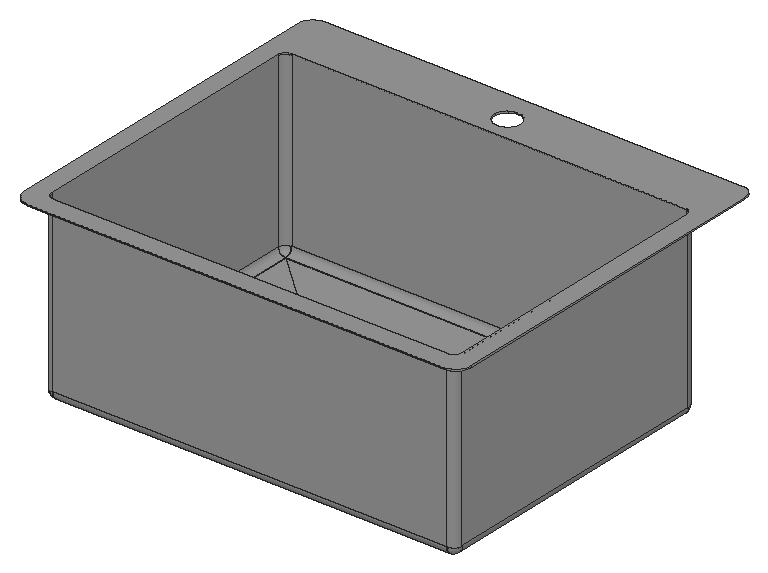
Revit family "BUILDMAT-SNGMTL004-River-600-Tap-Landing-Gunmetal", category Plumbing Fixtures, host Face, Revit 2026
Family settings
  Host = Face
  Round Connector Dimension = Use Diameter
  Part Type = Normal
  Enable Cutting in Views = No
  Cut with Voids When Loaded = No
  Maintain Annotation Orientation = No
  Shared = No
  Room Calculation Point = No
Parameters (values of type "River 600x500x250mm Brushed Gunmetal")
  Width = 550.0 mm
  Undermount [instance] = 0.0 mm
  URL = "https://www.buildmat.com.au/products/river-600-single-bowl-tap-landing-sink"
  Model = "TLAN004"  # constant formula
  Manufacturer URL = "https://www.buildmat.com.au/"
  Manufacturer = "BUILDMAT"  # constant formula
  Length = 400.0 mm
  Description = "BUILDMAT - River 600x500 Medium Single Bowl with Tap Landing Sink"  # constant formula
  Depth = 250.0 mm
  Default Elevation = 1219.2 mm
  Created By URL = "https://www.buildmat.com.au/"
  Created By = "BUILDMAT"  # constant formula
  Created = "22.06.2022"  # constant formula
  Material = BUILDMAT Gunmetal
Reference planes
  plane 1 "Center (Front/Back)": y = 0
  plane 2: z = 0
  plane 3 "Center (Left/Right)": x = 0
  plane 4 "Top Substrate": z = 0
  plane 5 "Left": x = -275
  plane 6 "Right": x = 275
  plane 7 "Back": y = 200
  plane 8 "Front": y = -200
  plane 9: x = -300
  plane 10: x = 300
  plane 11: y = -225
  plane 12: y = 275
  plane 13 "Bottom Void": z = -250
  plane 14: z = 1.5
  plane 15: x = -276.5
  plane 16: y = -201.5
  plane 17: x = 276.5
  plane 18: y = 201.5
  plane 19: z = -240
  plane 20: z = -230
  plane 21: x = -265
  plane 22: x = 265
  plane 23: y = -190
  plane 24: y = 190
  plane 25: z = -245
  plane 26: z = -241.5
  plane 27: z = -246.5
  plane 28: x = -100
  plane 29: x = 100
  plane 30 "Sound Pad": z = -130
  plane 31 "Front Bracket": y = -100
  plane 32 "Back Bracket": y = 100
  plane 33: x = -175
  plane 34: x = 175
  plane 35: x = -57
  plane 36: x = 57
  plane 37: x = -45
  plane 38: x = 45
  plane 39: y = 232
  plane 40: y = 251.5
  plane 41: x = -288.2
  plane 42: z = -15
  plane 43: x = 288.2
  plane 44: x = -286.7
  plane 45: x = 286.7
Forms (mm)
  Extrusion 1, void
    sketch origin (0, 0, 0) x (1, 0, 0) y (0, 1, 0)
      loop
        arc (-265, 200) -> (-272.071, 197.071) -> (-275, 190) r 10
        line (-275, 190) -> (-275, -190)
        arc (-275, -190) -> (-272.071, -197.071) -> (-265, -200) r 10
        line (-265, -200) -> (265, -200)
        arc (265, -200) -> (272.071, -197.071) -> (275, -190) r 10
        line (275, -190) -> (275, 190)
        arc (275, 190) -> (272.071, 197.071) -> (265, 200) r 10
        line (265, 200) -> (-265, 200)
    from 0 to 1.5
  Extrusion 2, void
    sketch origin (0, 0, 0) x (1, 0, 0) y (0, 1, 0)
      loop
        line (-276.5, 201.5) -> (-276.5, -201.5) -> (276.5, -201.5) -> (276.5, 201.5) -> (-276.5, 201.5)
    from 0 to -250
  Extrusion 3, void
    sketch origin (0, 0, 0) x (1, 0, 0) y (0, 1, 0)
      loop
        arc (-280, 275) -> (-294.142, 269.142) -> (-300, 255) r 20
        line (-300, 255) -> (-300, -205)
        arc (-300, -205) -> (-294.142, -219.142) -> (-280, -225) r 20
        line (-280, -225) -> (280, -225)
        arc (280, -225) -> (294.142, -219.142) -> (300, -205) r 20
        line (300, -205) -> (300, 255)
        arc (300, 255) -> (294.142, 269.142) -> (280, 275) r 20
        line (280, 275) -> (-280, 275)
    from 1.5 to 0
  Extrusion 4, solid, material "BUILDMAT Gunmetal" <- "Material"
    sketch origin (0, 0, 0) x (-1, 0, 0) y (0, -1, 0)
      loop
        arc (280, -275) -> (294.142, -269.142) -> (300, -255) r 20
        line (300, -255) -> (300, 205)
        arc (300, 205) -> (294.142, 219.142) -> (280, 225) r 20
        line (280, 225) -> (-280, 225)
        arc (-280, 225) -> (-294.142, 219.142) -> (-300, 205) r 20
        line (-300, 205) -> (-300, -255)
        arc (-300, -255) -> (-294.142, -269.142) -> (-280, -275) r 20
        line (-280, -275) -> (280, -275)
      loop
        arc (265, -200) -> (272.071, -197.071) -> (275, -190) r 10
        line (275, -190) -> (275, 190)
        arc (275, 190) -> (272.071, 197.071) -> (265, 200) r 10
        line (265, 200) -> (-265, 200)
        arc (-265, 200) -> (-272.071, 197.071) -> (-275, 190) r 10
        line (-275, 190) -> (-275, -190)
        arc (-275, -190) -> (-272.071, -197.071) -> (-265, -200) r 10
        line (-265, -200) -> (265, -200)
    from 0 to 1.5
  Extrusion 5, solid, material "BUILDMAT Gunmetal" <- "Material"
    sketch origin (0, 0, 0) x (-1, 0, 0) y (0, -1, 0)
      loop
        arc (265, -201.5) -> (273.132, -198.132) -> (276.5, -190) r 11.5
        line (276.5, -190) -> (276.5, 190)
        arc (276.5, 190) -> (273.132, 198.132) -> (265, 201.5) r 11.5
        line (265, 201.5) -> (-265, 201.5)
        arc (-265, 201.5) -> (-273.132, 198.132) -> (-276.5, 190) r 11.5
        line (-276.5, 190) -> (-276.5, -190)
        arc (-276.5, -190) -> (-273.132, -198.132) -> (-265, -201.5) r 11.5
        line (-265, -201.5) -> (265, -201.5)
      loop
        arc (-265, 200) -> (-272.071, 197.071) -> (-275, 190) r 10
        line (-275, 190) -> (-275, -190)
        arc (-275, -190) -> (-272.071, -197.071) -> (-265, -200) r 10
        line (-265, -200) -> (265, -200)
        arc (265, -200) -> (272.071, -197.071) -> (275, -190) r 10
        line (275, -190) -> (275, 190)
        arc (275, 190) -> (272.071, 197.071) -> (265, 200) r 10
        line (265, 200) -> (-265, 200)
    from 0 to -230
  Revolve 6, solid, material "BUILDMAT Gunmetal" <- "Material"
    sketch origin (-175.162, 190, 1219.2) x (-1, 0, 0) y (0, 0, 1)
      loop
        line (-450.162, -1449.2) -> (-451.662, -1449.2)
        arc (-451.662, -1449.2) -> (-448.293, -1457.332) -> (-440.162, -1460.7) r 11.5
        line (-440.162, -1460.7) -> (-440.162, -1459.2)
        arc (-440.162, -1459.2) -> (-447.233, -1456.271) -> (-450.162, -1449.2) r 10
      axis (-440.162, -1460.7) -> (-440.162, -1449.2)
    angle from 0 to -90
  Revolve 7, solid, material "BUILDMAT Gunmetal" <- "Material"
    sketch origin (-175.162, 190, 1219.2) x (-1, 0, 0) y (0, 0, 1)
      loop
        arc (99.838, -1449.2) -> (96.909, -1456.271) -> (89.838, -1459.2) r 10
        line (89.838, -1459.2) -> (89.838, -1460.7)
        arc (89.838, -1460.7) -> (97.97, -1457.332) -> (101.338, -1449.2) r 11.5
        line (101.338, -1449.2) -> (99.838, -1449.2)
      axis (89.838, -1449.2) -> (89.838, -1460.7)
    angle from 0 to -90
  Revolve 8, solid, material "BUILDMAT Gunmetal" <- "Material"
    sketch origin (-175.162, -190, 1219.2) x (-1, 0, 0) y (0, 0, 1)
      loop
        arc (99.838, -1449.2) -> (96.909, -1456.271) -> (89.838, -1459.2) r 10
        line (89.838, -1459.2) -> (89.838, -1460.7)
        arc (89.838, -1460.7) -> (97.97, -1457.332) -> (101.338, -1449.2) r 11.5
        line (101.338, -1449.2) -> (99.838, -1449.2)
      axis (89.838, -1449.2) -> (89.838, -1460.7)
    angle from 0 to 90
  Revolve 9, solid, material "BUILDMAT Gunmetal" <- "Material"
    sketch origin (-175.162, -190, 1219.2) x (-1, 0, 0) y (0, 0, 1)
      loop
        line (-450.162, -1449.2) -> (-451.662, -1449.2)
        arc (-451.662, -1449.2) -> (-448.293, -1457.332) -> (-440.162, -1460.7) r 11.5
        line (-440.162, -1460.7) -> (-440.162, -1459.2)
        arc (-440.162, -1459.2) -> (-447.233, -1456.271) -> (-450.162, -1449.2) r 10
      axis (-440.162, -1449.2) -> (-440.162, -1460.7)
    angle from 0 to 90
  Extrusion 10, solid, material "BUILDMAT Gunmetal" <- "Material"
    sketch origin (0, 0, 0) x (1, 0, 0) y (0, 0, 1)
      loop
        line (-275, -230) -> (-276.5, -230)
        arc (-276.5, -230) -> (-273.132, -238.132) -> (-265, -241.5) r 11.5
        line (-265, -241.5) -> (-265, -240)
        arc (-265, -240) -> (-272.071, -237.071) -> (-275, -230) r 10
    from -190 to 190
  Extrusion 11, solid, material "BUILDMAT Gunmetal" <- "Material"
    sketch origin (0, 0, 0) x (1, 0, 0) y (0, 0, 1)
      loop
        arc (275, -230) -> (272.071, -237.071) -> (265, -240) r 10
        line (265, -240) -> (265, -241.5)
        arc (265, -241.5) -> (273.132, -238.132) -> (276.5, -230) r 11.5
        line (276.5, -230) -> (275, -230)
    from -190 to 190
  Extrusion 12, solid, material "BUILDMAT Gunmetal" <- "Material"
    sketch origin (0, 0, 0) x (0, 1, 0) y (0, 0, 1)
      loop
        arc (200, -230) -> (197.071, -237.071) -> (190, -240) r 10
        line (190, -240) -> (190, -241.5)
        arc (190, -241.5) -> (198.132, -238.132) -> (201.5, -230) r 11.5
        line (201.5, -230) -> (200, -230)
    from -265 to 265
  Extrusion 13, solid, material "BUILDMAT Gunmetal" <- "Material"
    sketch origin (0, 0, 0) x (0, 1, 0) y (0, 0, 1)
      loop
        line (-200, -230) -> (-201.5, -230)
        arc (-201.5, -230) -> (-198.132, -238.132) -> (-190, -241.5) r 11.5
        line (-190, -241.5) -> (-190, -240)
        arc (-190, -240) -> (-197.071, -237.071) -> (-200, -230) r 10
    from -265 to 265
  Revolve 14, solid, material "BUILDMAT Gunmetal" <- "Material"
    sketch origin (0, 0, 0) x (1, 0, 0) y (0, 0, 1)
      loop
        line (-45, -250) -> (-45, -248.5)
        spline (-45, -248.5) -> (-46.484, -248.459) -> (-47.939, -248.339) -> (-49.337, -248.141) -> (-50.649, -247.871) -> (-51.848, -247.537) -> (-52.908, -247.151) -> (-53.805, -246.726) -> (-54.514, -246.283) -> (-55.023, -245.856) -> (-55.329, -245.483) -> (-55.468, -245.202) -> (-55.5, -245)
        line (-55.5, -245) -> (-57, -245)
        spline (-57, -245) -> (-56.897, -245.653) -> (-56.591, -246.294) -> (-56.087, -246.913) -> (-55.392, -247.5) -> (-54.52, -248.044) -> (-53.485, -248.536) -> (-52.305, -248.967) -> (-51, -249.33) -> (-49.592, -249.619) -> (-48.106, -249.83) -> (-46.566, -249.957) -> (-45, -250)
      axis (0, -245) -> (0, -250)
    angle from 0 to 360
  Blend 15, solid, material "BUILDMAT Gunmetal" <- "Material"
    base sketch origin (0, 0, 0) x (-1, 0, 0) y (0, -1, 0)
      loop
        circle (0, 0) r 57
    top sketch origin (0, 0, 0) x (-1, 0, 0) y (0, -1, 0)
      loop
        line (265, -190) -> (265, 190) -> (-265, 190) -> (-265, -190) -> (265, -190)
    from -246.5 to -241.5
  Blend 16, void
    base sketch origin (0, 0, 0) x (-1, 0, 0) y (0, -1, 0)
      loop
        circle (0, 0) r 57
    top sketch origin (0, 0, 0) x (-1, 0, 0) y (0, -1, 0)
      loop
        line (265, -190) -> (265, 190) -> (-265, 190) -> (-265, -190) -> (265, -190)
    from -245 to -240
  Extrusion 17, solid, material "BUILDMAT Gunmetal" <- "Material"
    sketch origin (0, 0, 0) x (-1, 0, 0) y (0, -1, 0)
      loop
        line (265, -190) -> (265, 190) -> (-265, 190) -> (-265, -190) -> (265, -190)
    from -241.5 to -240
  Extrusion 18, void
    sketch origin (0, 0, 0) x (-1, 0, 0) y (0, -1, 0)
      loop
        circle (0, 0) r 57
    from -250 to -230
  Extrusion 19, void
    sketch origin (0, 0, 0) x (-1, 0, 0) y (0, -1, 0)
      loop
        circle (0, -232) r 17.5
    from 0 to 100
Cuts and joins
  Extrusion 19 cuts Extrusion 4
  Extrusion 19 cuts Extrusion 5
  joined: Extrusion 4, Extrusion 5
  joined: Revolve 6, Revolve 9
  joined: Revolve 7, Revolve 8
  Blend 16, Extrusion 18 cuts Blend 15
  Blend 16, Extrusion 18 cuts Extrusion 17
  joined: Blend 15, Extrusion 17
Lines and regions (mm)
  Masking region 1
    outline origin (0, 0, 0) x (1, 0, 0) y (0, 0, 1)
      loop
        line (275, 0) -> (-275, 0) -> (-275, -230)
        arc (-275, -230) -> (-272.071, -237.071) -> (-265, -240) r 10
        line (-265, -240) -> (-57, -245) -> (57, -245) -> (265, -240)
        arc (265, -240) -> (272.071, -237.071) -> (275, -230) r 10
        line (275, -230) -> (275, 0)
  Masking region 2
    outline origin (0, 0, 0) x (1, 0, 0) y (0, 0, 1)
      loop
        line (-100, -245.466) -> (-100, -250) -> (-57, -250) -> (-57, -246.5) -> (-100, -245.466)
  Masking region 3
    outline origin (0, 0, 0) x (1, 0, 0) y (0, 0, 1)
      loop
        line (57, -246.5) -> (57, -250) -> (100, -250) -> (100, -245.466) -> (57, -246.5)
  Masking region 4
    outline origin (0, 0, 0) x (1, 0, 0) y (0, 0, 1)
      loop
        line (-288.2, 0) -> (-288.2, -15) -> (-286.7, -15) -> (-286.7, 0) -> (-288.2, 0)
  Masking region 5
    outline origin (0, 0, 0) x (1, 0, 0) y (0, 0, 1)
      loop
        line (286.7, 0) -> (286.7, -15) -> (288.2, -15) -> (288.2, 0) -> (286.7, 0)
Text (mm)
  text "Refer to www.buildmat.com.au for the most current product literature. \nAllow a +/- 5mm tolerance for dimensions shown in the product literature. \nPlease note product details are subject to change due to ongoing product development." at (0.056, -1035.857, 0), in view "Ref. Level"
Dimensions and locks
  "Undermount": plane 2 to plane 4 "Top Substrate"
  equal spacing: plane 5 "Left", plane 3 "Center (Left/Right)", plane 6 "Right"
  "Width": plane 5 "Left" to plane 6 "Right"
  "Length": plane 7 "Back" to plane 8 "Front"
  equal spacing: plane 7 "Back", plane 1 "Center (Front/Back)", plane 8 "Front"
  locked: plane 12 to plane 7 "Back" at 75
  locked: plane 8 "Front" to plane 11 at 25
  locked: plane 9 to plane 5 "Left" at 25
  locked: plane 6 "Right" to plane 10 at 25
  "Depth": plane 4 "Top Substrate" to plane 13 "Bottom Void"
  locked: plane 14 to plane 4 "Top Substrate" at 1.5
  locked: plane 18 to plane 7 "Back" at 1.5
  locked: plane 8 "Front" to plane 16 at 1.5
  plane 15 to plane 5 "Left" = 1.5 mm
  plane 6 "Right" to plane 17 = 1.5 mm
  plane 20 to plane 19 to plane 13 "Bottom Void" = 10.0 mm, 10.0 mm
  locked: plane 5 "Left" to plane 21 at 10
  locked: plane 22 to plane 6 "Right" at 10
  locked: plane 7 "Back" to plane 24 at 10
  locked: plane 23 to plane 8 "Front" at 10
  locked: plane 19 to plane 26 at 1.5
  locked: plane 25 to plane 13 "Bottom Void" at 5
  locked: plane 25 to plane 27 at 1.5
  plane 29 to plane 3 "Center (Left/Right)" to plane 28 = 100.0 mm locked, 100.0 mm locked
  locked: plane 30 "Sound Pad" to plane 13 "Bottom Void" at 120
  locked: plane 7 "Back" to plane 32 "Back Bracket" at 100
  locked: plane 31 "Front Bracket" to plane 8 "Front" at 100
  locked: plane 33 to plane 5 "Left" at 100
  locked: plane 6 "Right" to plane 34 at 100
  plane 37 to plane 3 "Center (Left/Right)" to plane 38 = 45.0 mm locked, 45.0 mm locked
  plane 35 to plane 3 "Center (Left/Right)" to plane 36 = 57.0 mm locked, 57.0 mm locked
  locked: plane 12 to plane 39 at 43
  locked: plane 40 to plane 18 at 50
  plane 44 to plane 41 to plane 9 = 1.5 mm locked, 11.8 mm locked
  plane 10 to plane 43 to plane 45 = 11.8 mm locked, 1.5 mm locked
  locked: plane 4 "Top Substrate" to plane 42 at 15
  aligned and locked: plane 2 to host face
  aligned and locked: level to host face
  aligned and locked: plane 8 "Front" to Extrusion 1 sketch curve
  aligned and locked: Extrusion 1 sketch curve to plane 7 "Back"
  aligned and locked: plane 5 "Left" to Extrusion 1 sketch curve
  aligned and locked: Extrusion 1 sketch curve to plane 6 "Right"
  aligned and locked: plane 2 to Extrusion 1
  aligned and locked: plane 14 to Extrusion 1
  aligned and locked: Extrusion 2 sketch curve to plane 16
  aligned and locked: Extrusion 2 sketch curve to plane 18
  aligned and locked: plane 15 to Extrusion 2 sketch curve
  aligned and locked: plane 17 to Extrusion 2 sketch curve
  aligned and locked: Extrusion 2 to plane 13 "Bottom Void"
  aligned and locked: plane 4 "Top Substrate" to Extrusion 2
  aligned and locked: Extrusion 3 sketch curve to plane 11
  aligned and locked: plane 9 to Extrusion 3 sketch curve
  aligned and locked: Extrusion 3 sketch curve to plane 10
  aligned and locked: Extrusion 3 sketch curve to plane 12
  aligned and locked: Extrusion 3 to plane 4 "Top Substrate"
  aligned and locked: Extrusion 3 to plane 14
  aligned and locked: Extrusion 4 sketch curve to plane 11
  aligned and locked: Extrusion 4 sketch curve to plane 12
  aligned and locked: plane 9 to Extrusion 4 sketch curve
  aligned and locked: Extrusion 4 sketch curve to plane 10
  aligned and locked: plane 5 "Left" to Extrusion 4 sketch curve
  aligned and locked: Extrusion 4 sketch curve to plane 6 "Right"
  aligned and locked: Extrusion 4 sketch curve to plane 7 "Back"
  aligned and locked: plane 8 "Front" to Extrusion 4 sketch curve
  aligned and locked: Extrusion 5 sketch curve to plane 7 "Back"
  aligned and locked: plane 5 "Left" to Extrusion 5 sketch curve
  aligned and locked: Extrusion 5 sketch curve to plane 6 "Right"
  aligned and locked: plane 8 "Front" to Extrusion 5 sketch curve
  aligned and locked: plane 15 to Extrusion 5 sketch curve
  aligned and locked: Extrusion 5 sketch curve to plane 16
  aligned and locked: plane 17 to Extrusion 5 sketch curve
  aligned and locked: Extrusion 5 sketch curve to plane 18
  aligned and locked: Extrusion 5 to plane 20
  aligned and locked: plane 4 "Top Substrate" to Extrusion 5
  aligned and locked: Extrusion 11 to plane 23
  aligned and locked: plane 24 to Extrusion 11
  aligned and locked: plane 24 to Extrusion 10
  aligned and locked: Extrusion 10 to plane 23
  aligned and locked: Extrusion 13 to plane 21
  aligned and locked: plane 22 to Extrusion 13
  aligned and locked: plane 22 to Extrusion 12
  aligned and locked: Extrusion 12 to plane 21
  aligned and locked: plane 21 to Blend 15 sketch curve
  aligned and locked: Blend 15 sketch curve to plane 22
  aligned and locked: Blend 15 sketch curve to plane 23
  aligned and locked: Blend 15 sketch curve to plane 24
  aligned and locked: plane 27 to Blend 15
  aligned and locked: Blend 15 to plane 26
  aligned and locked: Blend 16 sketch curve to plane 24
  aligned and locked: plane 21 to Blend 16 sketch curve
  aligned and locked: Blend 16 sketch curve to plane 22
  aligned and locked: Blend 16 sketch curve to plane 23
  aligned and locked: Blend 16 to plane 25
  aligned and locked: Blend 16 to plane 19
  aligned and locked: Extrusion 17 sketch curve to plane 24
  aligned and locked: Extrusion 17 sketch curve to plane 23
  aligned and locked: plane 21 to Extrusion 17 sketch curve
  aligned and locked: Extrusion 17 sketch curve to plane 22
  aligned and locked: Extrusion 17 to plane 26
  aligned and locked: Extrusion 17 to plane 19
  aligned and locked: Extrusion 18 to plane 13 "Bottom Void"
  aligned and locked: plane 20 to Extrusion 18
  aligned and locked: cut or joined group of Blend 15, Blend 16, Extrusion 17, Extrusion 18 to Masking region 2 sketch curve
  aligned and locked: Masking region 3 sketch curve to cut or joined group of Blend 15, Blend 16, Extrusion 17, Extrusion 18
  aligned and locked: plane 3 "Center (Left/Right)" to nested 1
  aligned and locked: nested 1 to plane 30 "Sound Pad"
  aligned and locked: plane 31 "Front Bracket" to nested 3
  aligned and locked: plane 15 to nested 3
  aligned and locked: plane 31 "Front Bracket" to nested 5
  aligned and locked: plane 17 to nested 5
  aligned and locked: plane 32 "Back Bracket" to nested 4
  aligned and locked: plane 17 to nested 4
  aligned and locked: plane 32 "Back Bracket" to nested 2
  aligned and locked: plane 15 to nested 2
  aligned and locked: nested 6 to plane 4 "Top Substrate"
  aligned and locked: nested 6 to plane 33
  aligned and locked: nested 7 to plane 4 "Top Substrate"
  aligned and locked: nested 7 to plane 34
  aligned and locked: nested 10 to plane 33
  aligned and locked: nested 11 to plane 34
  aligned and locked: plane 16 to nested 10
  aligned and locked: nested 11 to plane 16
  aligned and locked: plane 33 to nested 8
  aligned and locked: plane 34 to nested 9
  aligned and locked: nested 12 to plane 23
  aligned and locked: nested 12 to plane 24
  aligned and locked: plane 22 to nested 12
  aligned and locked: plane 21 to nested 12
  aligned and locked: plane 3 "Center (Left/Right)" to nested 13
  aligned and locked: plane 1 "Center (Front/Back)" to nested 13
  aligned and locked: plane 4 "Top Substrate" to Masking region 1
  aligned and locked: nested 9 to plane 40
  aligned and locked: nested 8 to plane 40
  aligned and locked: Extrusion 19 to plane 4 "Top Substrate"
  aligned and locked: Masking region 4 sketch curve to plane 4 "Top Substrate"
  aligned and locked: Masking region 4 sketch curve to plane 42
  aligned and locked: Masking region 4 sketch curve to plane 41
  aligned and locked: Masking region 4 sketch curve to plane 44
  aligned and locked: Masking region 5 sketch curve to plane 4 "Top Substrate"
  aligned and locked: plane 42 to Masking region 5 sketch curve
  aligned and locked: Masking region 5 sketch curve to plane 43
  aligned and locked: Masking region 5 sketch curve to plane 45
Automatic sketch dimensions
  host sketch curve to host sketch curve = 2438.4 mm  (x2)
  plane 5 "Left" to Extrusion 1 sketch curve = 10.0 mm  (x2)
  Extrusion 1 sketch curve to plane 6 "Right" = 10.0 mm  (x2)
  Extrusion 4 sketch curve to plane 10 = 20.0 mm  (x2)
  Extrusion 4 sketch curve to Extrusion 4 sketch curve = 10.0 mm  (x2)
  plane 5 "Left" to Extrusion 4 sketch curve = 10.0 mm
  plane 9 to Extrusion 4 sketch curve = 20.0 mm
  plane 8 "Front" to Extrusion 4 sketch curve = 10.0 mm
  plane 11 to Extrusion 4 sketch curve = 20.0 mm
  Extrusion 3 sketch curve to plane 5 "Left" = 5.0 mm
  plane 6 "Right" to Extrusion 3 sketch curve = 5.0 mm  (x2)
  plane 7 "Back" to Extrusion 3 sketch curve = 55.0 mm
  plane 5 "Left" to Extrusion 5 sketch curve = 10.0 mm
  Extrusion 5 sketch curve to plane 6 "Right" = 10.0 mm
  plane 8 "Front" to Extrusion 5 sketch curve = 10.0 mm
  Extrusion 5 sketch curve to plane 7 "Back" = 10.0 mm
  Extrusion 5 sketch curve to Extrusion 5 sketch curve = 0.0 mm  (x4)
  Revolve 6 sketch curve to Revolve 6 sketch curve = 0.0 mm  (x3)
  plane 17 to Revolve 6 sketch curve = 0.0 mm
  Revolve 6 sketch curve to plane 6 "Right" = 0.0 mm
  Revolve 6 sketch curve to plane 22 = 0.0 mm  (x2)
  Revolve 6 sketch curve to plane 19 = 0.0 mm
  Revolve 6 sketch curve to plane 20 = 0.0 mm
  Revolve 7 sketch curve to Revolve 7 sketch curve = 0.0 mm  (x3)
  Revolve 7 sketch curve to plane 20 = 0.0 mm  (x2)
  Revolve 7 sketch curve to plane 21 = 0.0 mm  (x2)
  Revolve 7 sketch curve to plane 5 "Left" = 0.0 mm
  Revolve 7 sketch curve to plane 15 = 0.0 mm
  Revolve 8 sketch curve to Revolve 8 sketch curve = 0.0 mm  (x3)
  Revolve 8 sketch curve to plane 20 = 0.0 mm  (x2)
  Revolve 8 sketch curve to plane 21 = 0.0 mm  (x2)
  Revolve 8 sketch curve to plane 5 "Left" = 0.0 mm
  Revolve 8 sketch curve to plane 15 = 0.0 mm
  Revolve 9 sketch curve to Revolve 9 sketch curve = 0.0 mm  (x3)
  plane 17 to Revolve 9 sketch curve = 0.0 mm
  Revolve 9 sketch curve to plane 6 "Right" = 0.0 mm
  Revolve 9 sketch curve to plane 22 = 0.0 mm  (x2)
  Revolve 9 sketch curve to plane 20 = 0.0 mm
  Revolve 9 sketch curve to plane 19 = 0.0 mm
  Extrusion 10 sketch curve to plane 15 = 0.0 mm
  Extrusion 10 sketch curve to plane 5 "Left" = 0.0 mm
  Extrusion 10 sketch curve to plane 19 = 0.0 mm
  Extrusion 10 sketch curve to plane 21 = 0.0 mm
  Extrusion 11 sketch curve to plane 20 = 0.0 mm
  Extrusion 11 sketch curve to plane 22 = 0.0 mm
  Extrusion 11 sketch curve to plane 6 "Right" = 0.0 mm
  plane 17 to Extrusion 11 sketch curve = 0.0 mm
  Extrusion 12 sketch curve to plane 20 = 0.0 mm
  Extrusion 12 sketch curve to plane 24 = 0.0 mm
  Extrusion 12 sketch curve to plane 7 "Back" = 0.0 mm
  Extrusion 12 sketch curve to plane 18 = 0.0 mm
  Extrusion 13 sketch curve to plane 16 = 0.0 mm
  Extrusion 13 sketch curve to plane 8 "Front" = 0.0 mm
  Extrusion 13 sketch curve to plane 23 = 0.0 mm
  Extrusion 13 sketch curve to plane 19 = 0.0 mm
  Revolve 14 sketch curve to plane 25 = 0.0 mm
  Revolve 14 sketch curve to plane 13 "Bottom Void" = 0.0 mm  (x2)
  Revolve 14 sketch curve to plane 3 "Center (Left/Right)" = 0.0 mm
  Revolve 14 sketch curve to plane 20 = 0.0 mm
  Revolve 14 sketch curve to plane 3 "Center (Left/Right)" = 45.0 mm
  Revolve 14 sketch curve to Revolve 14 sketch curve = 10.5 mm
  Revolve 14 sketch curve to Revolve 14 sketch curve = 1.5 mm  (x2)
  Revolve 14 sketch curve to Revolve 14 sketch curve = 0.0 mm
  plane 1 "Center (Front/Back)" to Blend 15 sketch curve = 0.0 mm
  Blend 15 sketch curve to plane 3 "Center (Left/Right)" = 0.0 mm
  plane 1 "Center (Front/Back)" to Blend 16 sketch curve = 0.0 mm
  Blend 16 sketch curve to plane 3 "Center (Left/Right)" = 0.0 mm
  plane 1 "Center (Front/Back)" to Extrusion 18 sketch curve = 0.0 mm
  Extrusion 18 sketch curve to plane 3 "Center (Left/Right)" = 0.0 mm
  Masking region 1 sketch curve to level = 0.0 mm
  Masking region 1 sketch curve to plane 20 = 0.0 mm
  Masking region 1 sketch curve to plane 21 = 0.0 mm
  Masking region 1 sketch curve to plane 25 = 0.0 mm
  Masking region 1 sketch curve to plane 3 "Center (Left/Right)" = 57.0 mm
  plane 3 "Center (Left/Right)" to Masking region 1 sketch curve = 57.0 mm
  Masking region 1 sketch curve to plane 19 = 0.0 mm
  Masking region 1 sketch curve to plane 22 = 0.0 mm
  Masking region 1 sketch curve to plane 6 "Right" = 0.0 mm
  Masking region 1 sketch curve to plane 5 "Left" = 0.0 mm
  Masking region 2 sketch curve to plane 28 = 0.0 mm
  Masking region 2 sketch curve to plane 13 "Bottom Void" = 0.0 mm
  Masking region 2 sketch curve to plane 27 = 0.0 mm
  Masking region 3 sketch curve to plane 27 = 0.0 mm
  Masking region 3 sketch curve to plane 13 "Bottom Void" = 0.0 mm
  Masking region 3 sketch curve to plane 29 = 0.0 mm
  Extrusion 19 sketch curve to plane 3 "Center (Left/Right)" = 0.0 mm
  Extrusion 19 sketch curve to plane 39 = 0.0 mm
  radius of Blend 15 sketch curve = 57.0 mm
  radius of Blend 16 sketch curve = 57.0 mm
  radius of Extrusion 18 sketch curve = 57.0 mm
  radius of Extrusion 19 sketch curve = 17.5 mm
Nested families
  nested 1: "SP_Front" at (0, 0, -130) x (1, 0, 0) z (0, -1, 0), type "SP_Front", not visible
  nested 2: "TMB_Plan" at (-276.5, 100, 0) x (0, 1, 0) z (0, 0, 1), type "TMB_Plan"
  nested 3: "TMB_Plan" at (-276.5, -100, 0) x (0, 1, 0) z (0, 0, 1), type "TMB_Plan"
  nested 4: "TMB_Plan" at (276.5, 100, 0) x (0, -1, 0) z (0, 0, 1), type "TMB_Plan"
  nested 5: "TMB_Plan" at (276.5, -100, 0) x (0, -1, 0) z (0, 0, 1), type "TMB_Plan"
  nested 6: "TMB_Front" at (-175, 0, 0) x (1, 0, 0) z (0, -1, 0), type "TMB_Front"
  nested 7: "TMB_Front" at (175, 0, 0) x (1, 0, 0) z (0, -1, 0), type "TMB_Front"
  nested 8: "TMB_Plan" at (-175, 251.5, 0), type "TMB_Plan"
  nested 9: "TMB_Plan" at (175, 251.5, 0), type "TMB_Plan"
  nested 10: "TMB_Plan" at (-175, -201.5, 0) x (-1, 0, 0) z (0, 0, 1), type "TMB_Plan"
  nested 11: "TMB_Plan" at (175, -201.5, 0) x (-1, 0, 0) z (0, 0, 1), type "TMB_Plan"
  nested 12: "BOWL Plan" at (0, 0, -130), type "BOWL Plan"
    with Width 530.0 mm, Lenght 380.0 mm
  nested 13: "DRAIN" at (0, 0, 0), type "DRAIN"
Definition of nested family "SP_Front"
  Reference planes
    plane 1 "Center (Elevation)": y = 0
    plane 2: z = 0
    plane 3 "Center (Left/Right)": x = 0
  Lines and regions (mm)
    Masking region 1, in view "Ref. Level"
      outline origin (0, 0, 0) x (1, 0, 0) y (0, 1, 0)
        loop
          arc (-50, 40) -> (-57.071, 37.071) -> (-60, 30) r 10
          line (-60, 30) -> (-60, -30)
          arc (-60, -30) -> (-57.071, -37.071) -> (-50, -40) r 10
          line (-50, -40) -> (50, -40)
          arc (50, -40) -> (57.071, -37.071) -> (60, -30) r 10
          line (60, -30) -> (60, 30)
          arc (60, 30) -> (57.071, 37.071) -> (50, 40) r 10
          line (50, 40) -> (-50, 40)
    detail lines, in view "Ref. Level"
      curve 1: line (-50, 40, 0) -> (50, 40, 0)
      curve 2: line (50, -40, 0) -> (-50, -40, 0)
      curve 3: line (60, 30, 0) -> (60, -30, 0)
      curve 4: line (-60, 30, 0) -> (-60, -30, 0)
      curve 5: arc (-50, 40, 0) -> (-57.071, 37.071, 0) -> (-60, 30, 0) r 10
      curve 6: arc (-60, -30, 0) -> (-57.071, -37.071, 0) -> (-50, -40, 0) r 10
      curve 7: arc (50, -40, 0) -> (57.071, -37.071, 0) -> (60, -30, 0) r 10
      curve 8: arc (60, 30, 0) -> (57.071, 37.071, 0) -> (50, 40, 0) r 10
  Dimensions and locks
    aligned and locked: Masking region 1 sketch curve to curve 1
    aligned and locked: Masking region 1 sketch curve to curve 4
    aligned and locked: Masking region 1 sketch curve to curve 2
    aligned and locked: Masking region 1 sketch curve to curve 3
Definition of nested family "TMB_Plan"
  Reference planes
    plane 1 "Center (Front/Back)": y = 0
    plane 2: z = 0
    plane 3 "Center (Left/Right)": x = 0
  Lines and regions (mm)
    detail lines, in view "Ref. Level"
      curve 1: line (-17.5, 0, 0) -> (17.5, 0, 0)
      curve 2: line (17.5, 0, 0) -> (17.5, 5, 0)
      curve 3: line (17.5, 5, 0) -> (12.5, 5, 0)
      curve 4: line (-17.5, 0, 0) -> (-17.5, 5, 0)
      curve 5: line (-17.5, 5, 0) -> (-12.5, 5, 0)
Definition of nested family "TMB_Front"
  Reference planes
    plane 1 "Center (Elevation)": y = 0
    plane 2: z = 0
    plane 3 "Center (Left/Right)": x = 0
  Lines and regions (mm)
    Masking region 1, in view "Ref. Level"
      outline origin (0, 0, 0) x (1, 0, 0) y (0, 1, 0)
        loop
          line (-17.5, 0) -> (-17.5, -80) -> (17.5, -80) -> (17.5, 0) -> (-17.5, 0)
    detail lines, in view "Ref. Level"
      curve 1: line (-17.5, 0, 0) -> (-17.5, -80, 0)
      curve 2: line (-17.5, -80, 0) -> (17.5, -80, 0)
      curve 3: line (17.5, -80, 0) -> (17.5, 0, 0)
      curve 4: line (-12.5, -50, 0) -> (12.5, -50, 0)
      curve 5: line (-12.5, -75, 0) -> (-12.5, -50, 0)
      curve 6: line (12.5, -75, 0) -> (-12.5, -75, 0)
      curve 7: line (12.5, -50, 0) -> (12.5, -75, 0)
Definition of nested family "BOWL Plan"
  Parameters (values of type "BOWL Plan")
    Width [instance] = 600.0 mm
    Lenght [instance] = 400.0 mm
  Reference planes
    plane 1 "Center (Front/Back)": y = 0
    plane 2: z = 0
    plane 3 "Center (Left/Right)": x = 0
    plane 4 "Left": x = -300
    plane 5 "Right": x = 300
    plane 6 "Back": y = 200
    plane 7 "Front": y = -200
  Lines and regions (mm)
    Masking region 1, in view "Ref. Level"
      outline origin (0, 0, 0) x (1, 0, 0) y (0, 1, 0)
        loop
          line (-300, 200) -> (-300, -200) -> (300, -200) -> (300, 200) -> (-300, 200)
    detail lines, in view "Ref. Level"
      curve 1: line (-300, 200, 0) -> (300, -200, 0)
      curve 2: line (-300, -200, 0) -> (300, 200, 0)
  Dimensions and locks
    equal spacing: plane 6 "Back", plane 1 "Center (Front/Back)", plane 7 "Front"
    "Lenght": plane 6 "Back" to plane 7 "Front"
    equal spacing: plane 4 "Left", plane 3 "Center (Left/Right)", plane 5 "Right"
    "Width": plane 4 "Left" to plane 5 "Right"
    aligned and locked: plane 4 "Left" to Masking region 1 sketch curve
    aligned and locked: Masking region 1 sketch curve to plane 5 "Right"
    aligned and locked: plane 7 "Front" to Masking region 1 sketch curve
    aligned and locked: Masking region 1 sketch curve to plane 6 "Back"
  Automatic sketch dimensions
    curve 2 to plane 4 "Left" = 0.0 mm
    curve 1 to plane 4 "Left" = 0.0 mm
    curve 2 to plane 5 "Right" = 0.0 mm
    curve 1 to plane 5 "Right" = 0.0 mm
    curve 1 to plane 7 "Front" = 0.0 mm
    curve 2 to plane 7 "Front" = 0.0 mm
    curve 2 to plane 6 "Back" = 0.0 mm
    curve 1 to plane 6 "Back" = 0.0 mm
Definition of nested family "DRAIN"
  Reference planes
    plane 1 "Center (Front/Back)": y = 0
    plane 2: z = 0
    plane 3 "Center (Left/Right)": x = 0
  Lines and regions (mm)
    Masking region 1, in view "Ref. Level"
      outline origin (0, 0, 0) x (1, 0, 0) y (0, 1, 0)
        loop
          circle (0, 0) r 57
    detail lines, in view "Ref. Level"
      curve 1: circle (0, 0, 0) r 45 normal (0, 0, 1)
      curve 2: circle (0, 0, 0) r 55.5 normal (0, 0, 1)
